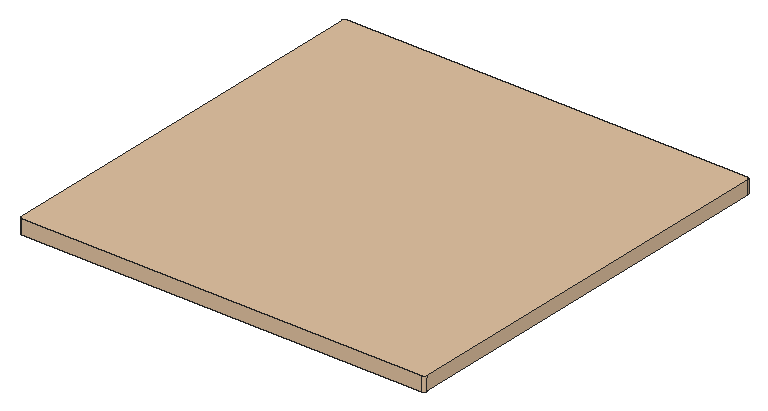
Revit family "FU_Table_LAPSE 0430MA", category Furniture, Revit 2022
Family settings
  OmniClass Number = 23.40.20.00
  OmniClass Title = General Furniture and Specialties
  Work Plane-Based = No
  Always vertical = Yes
  Cut with Voids When Loaded = No
  Render Appearance Source = Family Geometry
  Shared = No
  Room Calculation Point = No
Parameters (values of type "LAP0430MA")
  Width = 720 mm
  URL = "https://www.sandlerseating.com/product/lapse-0430ma-2/"
  Top Finish [instance] = Wood - Oak - Natural - V
  Model = "LAP0430MA"
  Manufacturer = "Sandler"
  Elevation = 333 mm
  Description = "Table top in the Lapse modular seating range, available in oak veneer or lacquered MDF, 72cm x 72cm / 28.3\" x 28.3\""
  Depth = 720 mm
  Default Elevation = 0 mm
Reference planes
  plane 1 "Center (Front/Back)": y = 0
  plane 2: z = 0
  plane 3 "Center (Left/Right)": x = 0
  plane 4 "Right": x = -360
  plane 5 "Left": x = 360
  plane 6 "Back": y = 360
  plane 7 "Front": y = -360
  plane 8 "Height": z = 357
  plane 9 "Table base": z = 333
Forms (mm)
  Extrusion 1, solid, material "Wood - Oak - Natural - V" <- "Top Finish"
    sketch origin (0, 0, 321) x (-1, 0, 0) y (0, -1, 0)
      loop
        arc (355, -360) -> (358.536, -358.536) -> (360, -355) r 5
        line (360, -355) -> (360, 355)
        arc (360, 355) -> (358.536, 358.536) -> (355, 360) r 5
        line (355, 360) -> (-355, 360)
        arc (-355, 360) -> (-358.536, 358.536) -> (-360, 355) r 5
        line (-360, 355) -> (-360, -355)
        arc (-360, -355) -> (-358.536, -358.536) -> (-355, -360) r 5
        line (-355, -360) -> (355, -360)
    from 12 to 36
Dimensions and locks
  equal spacing: plane 4 "Right", plane 3 "Center (Left/Right)", plane 5 "Left"
  "Width": plane 4 "Right" to plane 5 "Left"
  equal spacing: plane 6 "Back", plane 1 "Center (Front/Back)", plane 7 "Front"
  "Depth": plane 6 "Back" to plane 7 "Front"
  "Elevation": plane 9 "Table base" to level
  locked: plane 8 "Height" to plane 9 "Table base" at 24
  aligned and locked: level to plane 2
  aligned and locked: plane 8 "Height" to Extrusion 1
  aligned and locked: Extrusion 1 to plane 9 "Table base"
Automatic sketch dimensions
  Extrusion 1 sketch curve to plane 5 "Left" = 0 mm
  Extrusion 1 sketch curve to plane 6 "Back" = 0 mm
  Extrusion 1 sketch curve to plane 7 "Front" = 0 mm
  Extrusion 1 sketch curve to plane 4 "Right" = 0 mm
  Extrusion 1 sketch curve to Extrusion 1 sketch curve = 5 mm
  plane 5 "Left" to Extrusion 1 sketch curve = 5 mm
  Extrusion 1 sketch curve to plane 4 "Right" = 5 mm  (x2)
